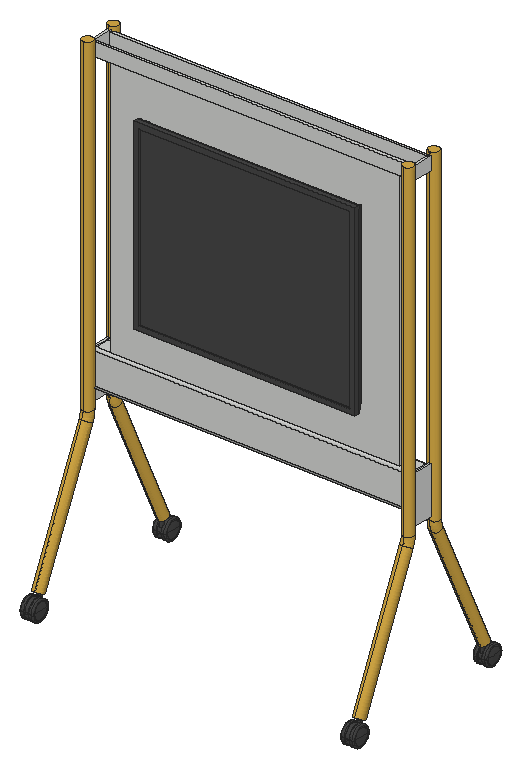
Revit family "DBLTD_TheSenatorGroup_Whiteboards_Colab", category Furniture, Revit 2021
Family settings
  OmniClass Number = 23.40.20.00
  OmniClass Title = General Furniture and Specialties
  Work Plane-Based = No
  Always vertical = Yes
  Cut with Voids When Loaded = No
  Shared = Yes
  Room Calculation Point = No
Parameters (values of type "1250mm Media & Pinboard")
  WarrantyStartDate [instance] = " "
  WarrantyGuarantorParts = "https://www.thesenatorgroup.com/"
  WarrantyGuarantorLabor = "https://www.thesenatorgroup.com/"
  WarrantyDurationUnit = "years"
  WarrantyDurationParts = "5"
  WarrantyDurationLabor = "5"
  WarrantyDescription = "The Senator Group warrants that its manufactured products are free from manufacturing defects - in materials or workmanship - for a period of five (5) years."
  Version = "1"
  Uniclass2015Version = "Products v1.32"
  Uniclass2015Title = "Whiteboards"
  Uniclass2015Code = "Pr_40_30_25_96"
  URL = "https://www.thesenatorgroup.com/"
  Type Comments = ModelReference  # "1250mm Media & Pinboard"
  TagNumber [instance] = " "
  SustainabilityPerformance = "n/a"
  Size = "1850 x 1250 x 650 mm"
  Shape = "Rectangular"
  SerialNumber [instance] = " "
  Revision = ""
  ReplacementCost = "n/a"
  ProductInformation = "https://www.senator.online/en/Ranges/colab-easels"
  PanelMaterialInternal [instance] = DBLTD_TheSenatorGroup_Fabric_Grey
  PanelMaterialExternal [instance] = DBLTD_TheSenatorGroup_Fabric_Grey
  NominalWidth = 1250 mm
  NominalHeight = 1850 mm
  NominalDepth = 650 mm
  Name = "Whiteboards"  # constant formula
  ModelReference = "1250mm Media & Pinboard"
  ModelNumber = "CB2012PM"
  Model = ModelNumber  # "CB2012PM"
  MediaPlaceHolder = yes
  Material = "Legs and Frame; Steel. Board; Media  & Pinboard"
  ManufacturerURL = "https://www.thesenatorgroup.com/"
  ManufacturerName = "The Senator Group"
  LegMaterial [instance] = DBLTD_TheSenatorGroup_Metal_HoneyYellow
  Keynote = Category  # "Pr_40_30_25_96  Whiteboards"
  InstallationDate [instance] = " "
  Grade = "n/a"
  Finish = "Legs; Honey Yellow | Forest Green | Smoke Grey | Ocean Blue. Frame; Smoke Grey. Fabric: Blazer"
  Features = "n/a"
  ExpectedLife = "5"
  DurationUnit = "years"
  Cost = 0
  Constituents = "Legs, Frame and Board"
  Color = Finish  # "Legs; Honey Yellow | Forest Green | Smoke Grey | Ocean Blue. Frame; Smoke Grey. Fabric: Blazer"
  CodePerformance = "n/a"
  Category = "Pr_40_30_25_96  Whiteboards"
  Manufacturer = ManufacturerName  # "The Senator Group"
  Description = ModelReference  # "1250mm Media & Pinboard"
  Default Elevation = 0 mm
  BarCode [instance] = " "
  Author = "Diane Butterworth Ltd"
  AssetType = "Movable"
  AssetIdentifier [instance] = " "
  Assembly Code = "E2020200"
  AccessibilityPerformance = "n/a"
Types (12, lengths in mm): name | Type Comments | Size | PanelMaterialInternal | PanelMaterialExternal | NominalWidth | ModelReference | ModelNumber | Model | MediaPlaceHolder | Material | Description
  1250mm Drywipe | "1250mm Drywipe" | "1850 x 1250 x 650 mm" | DBLTD_TheSenatorGroup_Other_Drywipe | DBLTD_TheSenatorGroup_Metal_SmokeGrey | 1250 | "1250mm Drywipe" | "CB2012D" | "CB2012D" | no | "Legs and Frame; Steel. Board; Drywipe" | "1250mm Drywipe"
  1650mm Drywipe | "1650mm Drywipe" | "1850 x 1650 x 650 mm" | DBLTD_TheSenatorGroup_Other_Drywipe | DBLTD_TheSenatorGroup_Metal_SmokeGrey | 1650 | "1650mm Drywipe" | "CB2016D" | "CB2016D" | no | "Legs and Frame; Steel. Board; Drywipe" | "1650mm Drywipe"
  1650mm Pinboard | "1650mm Pinboard" | "1850 x 1650 x 650 mm" | DBLTD_TheSenatorGroup_Fabric_Grey | DBLTD_TheSenatorGroup_Metal_SmokeGrey | 1650 | "1650mm Pinboard" | "CB2016P" | "CB2016P" | no | "Legs and Frame; Steel. Board; Pinboard" | "1650mm Pinboard"
  1250mm Pinboard | "1250mm Pinboard" | "1850 x 1250 x 650 mm" | DBLTD_TheSenatorGroup_Fabric_Grey | DBLTD_TheSenatorGroup_Metal_SmokeGrey | 1250 | "1250mm Pinboard" | "CB2012P" | "CB2012P" | no | "Legs and Frame; Steel. Board; Pinboard" | "1250mm Pinboard"
  1250mm Magic Drywipe | "1250mm Magic Drywipe" | "1850 x 1250 x 650 mm" | DBLTD_TheSenatorGroup_Other_Drywipe | DBLTD_TheSenatorGroup_Metal_SmokeGrey | 1250 | "1250mm Magic Drywipe" | "CB2012MD" | "CB2012MD" | no | "Legs and Frame; Steel. Board; Magic Drywipe" | "1250mm Magic Drywipe"
  1650mm Magic Drywipe | "1650mm Magic Drywipe" | "1850 x 1650 x 650 mm" | DBLTD_TheSenatorGroup_Other_Drywipe | DBLTD_TheSenatorGroup_Metal_SmokeGrey | 1650 | "1650mm Magic Drywipe" | "CB2016MD" | "CB2016MD" | no | "Legs and Frame; Steel. Board; Magic Drywipe" | "1650mm Magic Drywipe"
  1250mm Drywipe & Pinboard | "1250mm Drywipe & Pinboard" | "1850 x 1250 x 650 mm" | DBLTD_TheSenatorGroup_Other_Drywipe | DBLTD_TheSenatorGroup_Fabric_Grey | 1250 | "1250mm Drywipe & Pinboard" | "CB2012DP" | "CB2012DP" | no | "Legs and Frame; Steel. Board; Drywipe & Pinboard" | "1250mm Drywipe & Pinboard"
  1250mm Magic Drywipe & Pinboard | "1250mm Magic Drywipe & Pinboard" | "1850 x 1250 x 650 mm" | DBLTD_TheSenatorGroup_Other_Drywipe | DBLTD_TheSenatorGroup_Fabric_Grey | 1250 | "1250mm Magic Drywipe & Pinboard" | "CB2012MDP" | "CB2012MDP" | no | "Legs and Frame; Steel. Board; Magic Drywipe & Pinboard" | "1250mm Magic Drywipe & Pinboard"
  1650mm Drywipe & Pinboard | "1650mm Drywipe & Pinboard" | "1850 x 1650 x 650 mm" | DBLTD_TheSenatorGroup_Other_Drywipe | DBLTD_TheSenatorGroup_Fabric_Grey | 1650 | "1650mm Drywipe & Pinboard" | "CB2016DP" | "CB2016DP" | no | "Legs and Frame; Steel. Board; Drywipe & Pinboard" | "1650mm Drywipe & Pinboard"
  1650mm Magic Drywipe & Pinboard | "1650mm Magic Drywipe & Pinboard" | "1850 x 1650 x 650 mm" | DBLTD_TheSenatorGroup_Other_Drywipe | DBLTD_TheSenatorGroup_Fabric_Grey | 1650 | "1650mm Magic Drywipe & Pinboard" | "CB2016MDP" | "CB2016MDP" | no | "Legs and Frame; Steel. Board; Magic Drywipe & Pinboard" | "1650mm Magic Drywipe & Pinboard"
  1650mm Media & Pinboard | "1650mm Media & Pinboard" | "1850 x 1650 x 650 mm" | DBLTD_TheSenatorGroup_Fabric_Grey | DBLTD_TheSenatorGroup_Fabric_Grey | 1650 | "1650mm Media & Pinboard" | "CB2016PM" | "CB2016PM" | yes | "Legs and Frame; Steel. Board; Media  & Pinboard" | "1650mm Media & Pinboard"
  1250mm Media & Pinboard | "1250mm Media & Pinboard" | "1850 x 1250 x 650 mm" | DBLTD_TheSenatorGroup_Fabric_Grey | DBLTD_TheSenatorGroup_Fabric_Grey | 1250 | "1250mm Media & Pinboard" | "CB2012PM" | "CB2012PM" | yes | "Legs and Frame; Steel. Board; Media  & Pinboard" | "1250mm Media & Pinboard"
Reference planes
  plane 1 "Center (Front/Back)": y = 0
  plane 2: z = 0
  plane 3 "Center (Left/Right)": x = 0
  plane 4: x = -625
  plane 5: x = 625
  plane 6: y = 325
  plane 7: y = -325
  plane 8: z = 1850
  plane 9: z = 480
Forms (mm)
  Extrusion 1, solid, material "DBLTD_TheSenatorGroup_Metal_SmokeGrey"
    sketch origin (0, 0, 0) x (0, 1, 0) y (0, 0, 1)
      loop
        line (40.786, 1838) -> (-40.75, 1838) -> (-40.75, 1789.04) -> (40.786, 1789.04) -> (40.786, 1838)
      loop
        line (40.786, 619.24) -> (40.786, 799.24) -> (-40.75, 799.24) -> (-40.75, 619.24) -> (40.786, 619.24)
    from -610 to -600
  Extrusion 2, solid, material "DBLTD_TheSenatorGroup_Metal_SmokeGrey"
    sketch origin (0, 0, 0) x (0, 1, 0) y (0, 0, -1)
      loop
        line (40.786, -1838) -> (40.786, -1789.04) -> (-40.75, -1789.04) -> (-40.75, -1838) -> (40.786, -1838)
      loop
        line (40.786, -619.24) -> (-40.75, -619.24) -> (-40.75, -799.24) -> (40.786, -799.24) -> (40.786, -619.24)
    from -610 to -600
  Extrusion 3, solid, material "DBLTD_TheSenatorGroup_Metal_SmokeGrey"
    sketch origin (0, 0, 0) x (0, 1, 0) y (0, 0, 1)
      loop
        line (27.466, 799.24) -> (-27.5, 799.24)
        arc (-27.5, 799.24) -> (-34.571, 796.311) -> (-37.5, 789.24) r 10
        line (-37.5, 789.24) -> (-37.5, 669.24)
        arc (-37.5, 669.24) -> (-34.571, 662.169) -> (-27.5, 659.24) r 10
        line (-27.5, 659.24) -> (27.466, 659.24)
        arc (27.466, 659.24) -> (34.537, 662.169) -> (37.466, 669.24) r 10
        line (37.466, 669.24) -> (37.466, 789.24)
        arc (37.466, 789.24) -> (34.537, 796.311) -> (27.466, 799.24) r 10
      loop
        line (40.791, 1838) -> (30.791, 1838) -> (30.791, 1789.04) -> (40.791, 1789.04) -> (40.791, 1838)
      loop
        line (-40.791, 1838) -> (-40.791, 1789.04) -> (-30.791, 1789.04) -> (-30.791, 1838) -> (-40.791, 1838)
    from -600 to 600
  Extrusion 4, solid, material "DBLTD_TheSenatorGroup_Metal_SmokeGrey"
    sketch origin (0, 0, 0) x (1, 0, 0) y (0, 0, 1)
      loop
        line (-545, 1789.04) -> (-545, 799.04) -> (545, 799.04) -> (545, 1789.04) -> (-545, 1789.04)
    from -28 to 28
  Extrusion 5, solid, material "DBLTD_TheSenatorGroup_Plastic_Black", visible <- "MediaPlaceHolder"
    sketch origin (0, 0, 0) x (1, 0, 0) y (0, 0, 1)
      loop
        line (-417, 1646.915) -> (-417, 942.915) -> (417, 942.915) -> (417, 1646.915) -> (-417, 1646.915)
    from 28 to 76
  Sweep 6, void
    path in 3D
      loop
        line (-417, -76, 1646.915) -> (-417, -76, 942.915) -> (417, -76, 942.915) -> (417, -76, 1646.915) -> (-417, -76, 1646.915)
    profile origin (0, -76, 1646.915) x (0, -1, 0) y (0, 0, 1)
      loop
        line (-17.022, 0) -> (-48, 0) -> (-48, -18.552) -> (-20.128, -1.052) -> (-20.128, -3.891) -> (-17.022, -3.891) -> (-17.022, 0)
  Extrusion 7, void
    sketch origin (0, 0, 0) x (1, 0, 0) y (0, 0, 1)
      loop
        line (-398.448, 1628.363) -> (-398.448, 961.467) -> (398.448, 961.467) -> (398.448, 1628.363) -> (-398.448, 1628.363)
    from 76 to 70.276
Cuts and joins
  Sweep 6, Extrusion 7 cuts Extrusion 4
  Sweep 6, Extrusion 7 cuts Extrusion 5
Lines and regions (mm)
  symbolic lines
    curve 1: line (0, 275.96, 76.109) -> (0, 221.367, 194.091)
  sketch lines
    curve 2: line (417, -76, 1646.915) -> (-417, -76, 1646.915)
    curve 3: line (-417, -76, 1646.915) -> (-417, -76, 942.915)
    curve 4: line (-417, -76, 942.915) -> (417, -76, 942.915)
    curve 5: line (417, -76, 942.915) -> (417, -76, 1646.915)
Dimensions and locks
  equal spacing: plane 4, plane 3 "Center (Left/Right)", plane 5
  "NominalWidth": plane 4 to plane 5
  equal spacing: plane 6, plane 1 "Center (Front/Back)", plane 7
  "NominalDepth": plane 6 to plane 7
  "NominalHeight": plane 8 to level
  plane 9 to level = 480 mm
  locked: plane 4 to nested 1 at 20
  locked: plane 4 to nested 2 at 20
  locked: plane 5 to nested 3 at 20
  locked: plane 5 to nested 4 at 20
  plane 4 to Extrusion 1 to Extrusion 1 = 15 mm locked, 10 mm locked
  plane 5 to Extrusion 2 to Extrusion 2 = 15 mm locked, 10 mm locked
  locked: Extrusion 4 to plane 4 at 80
  locked: plane 5 to Extrusion 4 at 80
  locked: Extrusion 5 sketch curve to plane 4 at 208
  locked: plane 5 to Extrusion 5 sketch curve at 208
  aligned and locked: level to plane 2
  aligned and locked: Extrusion 3 to Extrusion 1
  aligned and locked: Extrusion 3 to Extrusion 2
Automatic sketch dimensions
  curve 1 to plane 6 = 103.633 mm
  level to curve 1 = 76.109 mm
  curve 1 to plane 6 = 49.04 mm
  curve 1 to curve 1 = 117.981 mm
  plane 1 "Center (Front/Back)" to Extrusion 1 sketch curve = 40.75 mm  (x2)
  Extrusion 1 sketch curve to plane 8 = 12 mm
  Extrusion 1 sketch curve to plane 1 "Center (Front/Back)" = 40.786 mm  (x2)
  Extrusion 1 sketch curve to Extrusion 1 sketch curve = 48.96 mm
  plane 9 to Extrusion 1 sketch curve = 319.24 mm
  plane 9 to Extrusion 1 sketch curve = 139.24 mm
  plane 1 "Center (Front/Back)" to Extrusion 2 sketch curve = 40.75 mm  (x2)
  Extrusion 2 sketch curve to plane 8 = 12 mm
  Extrusion 2 sketch curve to plane 1 "Center (Front/Back)" = 40.786 mm  (x2)
  Extrusion 2 sketch curve to Extrusion 2 sketch curve = 48.96 mm
  plane 9 to Extrusion 2 sketch curve = 319.24 mm
  plane 9 to Extrusion 2 sketch curve = 139.24 mm
  Extrusion 3 sketch curve to plane 8 = 12 mm  (x2)
  plane 1 "Center (Front/Back)" to Extrusion 3 sketch curve = 40.791 mm
  plane 1 "Center (Front/Back)" to Extrusion 3 sketch curve = 37.5 mm
  Extrusion 3 sketch curve to Extrusion 3 sketch curve = 10 mm  (x5)
  Extrusion 3 sketch curve to plane 1 "Center (Front/Back)" = 27.466 mm  (x2)
  Extrusion 3 sketch curve to plane 1 "Center (Front/Back)" = 30.791 mm
  Extrusion 3 sketch curve to Extrusion 3 sketch curve = 48.96 mm
  Extrusion 3 sketch curve to plane 8 = 60.96 mm
  plane 9 to Extrusion 3 sketch curve = 319.24 mm
  Extrusion 3 sketch curve to Extrusion 3 sketch curve = 120 mm
  plane 4 to Extrusion 4 sketch curve = 80 mm
  Extrusion 4 sketch curve to plane 5 = 80 mm
  plane 9 to Extrusion 4 sketch curve = 319.04 mm
  Extrusion 4 sketch curve to plane 8 = 60.96 mm
  plane 9 to Extrusion 5 sketch curve = 462.915 mm
  Extrusion 5 sketch curve to plane 8 = 203.085 mm
  Sweep 6 sketch curve to profile plane = 0 mm
  profile plane to Sweep 6 sketch curve = 17.022 mm
  Sweep 6 sketch curve to profile plane = 3.891 mm
  Sweep 6 sketch curve to profile plane = 1.052 mm
  Sweep 6 sketch curve to Sweep 6 sketch curve = 3.105 mm
  profile plane to Sweep 6 sketch curve = 48 mm
  Sweep 6 sketch curve to profile plane = 18.552 mm
  plane 4 to Extrusion 7 sketch curve = 226.552 mm
  Extrusion 7 sketch curve to plane 5 = 226.552 mm
  plane 9 to Extrusion 7 sketch curve = 481.467 mm
  Extrusion 7 sketch curve to plane 8 = 221.637 mm
Nested families
  nested 1: "Nested_DBLTD_TheSenatorGroup_Whiteboards_Leg" at (-605, 60.786, 0) x (0, -1, 0) z (0, 0, 1), FrameMaterial <- "LegMaterial", type "Nested_DBLTD_TheSenatorGroup_Whiteboards_Leg"
    with FrameMaterial DBLTD_TheSenatorGroup_Metal_HoneyYellow
  nested 2: "Nested_DBLTD_TheSenatorGroup_Whiteboards_Leg" at (-605, -60.786, 0) x (0, 1, 0) z (0, 0, 1), FrameMaterial <- "LegMaterial", type "Nested_DBLTD_TheSenatorGroup_Whiteboards_Leg"
    with FrameMaterial DBLTD_TheSenatorGroup_Metal_HoneyYellow
  nested 3: "Nested_DBLTD_TheSenatorGroup_Whiteboards_Leg" at (605, 60.786, 0) x (0, -1, 0) z (0, 0, 1), FrameMaterial <- "LegMaterial", type "Nested_DBLTD_TheSenatorGroup_Whiteboards_Leg"
    with FrameMaterial DBLTD_TheSenatorGroup_Metal_HoneyYellow
  nested 4: "Nested_DBLTD_TheSenatorGroup_Whiteboards_Leg" at (605, -60.786, 0) x (0, 1, 0) z (0, 0, 1), FrameMaterial <- "LegMaterial", type "Nested_DBLTD_TheSenatorGroup_Whiteboards_Leg"
    with FrameMaterial DBLTD_TheSenatorGroup_Metal_HoneyYellow
Definition of nested family "Nested_DBLTD_TheSenatorGroup_Whiteboards_Leg"
  Parameters
    FrameMaterial [instance] = none
    Default Elevation = 0 mm
  Reference planes
    plane 1 "Center (Front/Back)": y = 0
    plane 2: z = 0
    plane 3 "Center (Left/Right)": x = 0
  Forms (mm)
    Sweep 1, solid, material <- "FrameMaterial"
      path origin (0, 0, 0) x (1, 0, 0) y (0, 0, 1)
        loop
          line (0, 1850) -> (0, 603.643)
          arc (0, 603.643) -> (-2.015, 585.246) -> (-7.964, 567.72) r 85
          line (-7.964, 567.72) -> (-233.047, 85.029)
      profile origin (0, 0, 1226.821) x (0, -1, 0) y (1, 0, 0)
        loop
          circle (0, 0) r 20
    Revolve 2, solid
      sketch origin (-251.841, 0, 37.5) x (-1, 0, 0) y (0, -1, 0)
        loop
          line (0, 0) -> (0, -25)
          arc (0, -25) -> (15.592, -24.395) -> (31.091, -22.585) r 201.311
          line (31.091, -22.585) -> (31.091, -25) -> (32.5, -25)
          arc (32.5, -25) -> (36.036, -23.536) -> (37.5, -20) r 5
          line (37.5, -20) -> (37.5, -9.318)
          arc (37.5, -9.318) -> (37.165, -8.703) -> (36.51, -8.458) r 1
          line (36.51, -8.458) -> (35.612, -8.458) -> (35.612, 8.458) -> (36.51, 8.458)
          arc (36.51, 8.458) -> (37.165, 8.703) -> (37.5, 9.318) r 1
          line (37.5, 9.318) -> (37.5, 20)
          arc (37.5, 20) -> (36.036, 23.536) -> (32.5, 25) r 5
          line (32.5, 25) -> (31.091, 25) -> (31.091, 22.585)
          arc (31.091, 22.585) -> (15.592, 24.395) -> (0, 25) r 201.311
          line (0, 25) -> (0, 0)
        axis (0, -25) -> (0, 25)
      angle from 0 to 360
    Extrusion 3, void
      sketch origin (28.098, 236.44, 0) x (-1, 0, 0) y (0, 0, 1)
        loop
          line (236.547, 32.5) -> (236.547, 0) -> (321.619, 0) -> (321.619, 32.5) -> (236.547, 32.5)
      from -244.899 to -227.982
    Revolve 4, solid
      sketch origin (35.68, 0.645, 5) x (-1, 0, 0) y (0, 0, 1)
        loop
          line (263.531, 87.042) -> (263.531, 48) -> (270.863, 48) -> (270.863, 69.454) -> (268.915, 69.454) -> (268.915, 87.042) -> (263.531, 87.042)
        axis (263.531, 48) -> (263.531, 87.042)
      angle from 0 to 360
  Cuts and joins
    Extrusion 3 cuts Revolve 2
  Dimensions and locks
    angle Sweep 1 sketch curve to Sweep 1 sketch curve = 155.00°
    aligned and locked: level to plane 2
